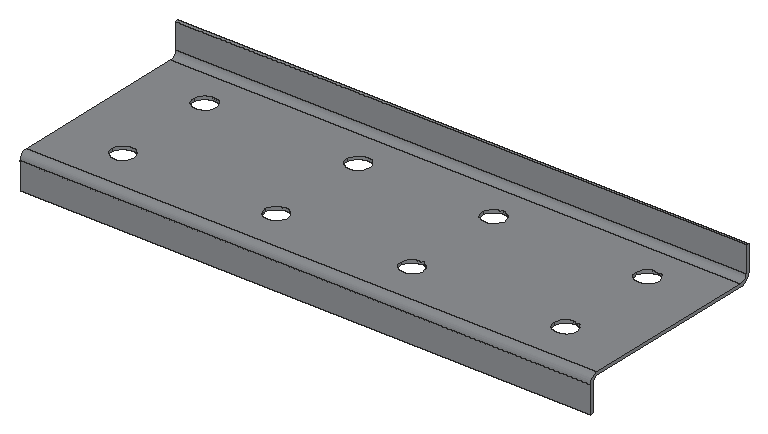
Revit family "Connection-Splice Plate-Steel & Tube-HST", category Structural Connections, host Face, Revit 2018
Family settings
  Host = Face
  Material for Model Behavior = Steel
  OmniClass Number = 23.25.05.17.11
  OmniClass Title = Column Bases
  Enable cutting in views = Yes
  Cut with Voids When Loaded = No
  Shared = Yes
Parameters (values of type "HST150")
  m = if(Height_ANZRS = 250 mm, 180 mm, 120 mm)  # 120 mm
  g = if(Height_ANZRS = 152 mm, 80 mm, if(Height_ANZRS = 203 mm, 120 mm, if(Height_ANZRS = 250 mm, 160 mm, if(Height_ANZRS = 300 mm, 200 mm, if(Height_ANZRS = 350 mm, 240 mm, 280 mm)))))  # 80 mm
  Width_ANZRS = PlateThickness_ANZRS + (2 * Flange)  # 51.95 mm
  Uniclass2015Version = "2015"  # constant formula
  Uniclass2015Title = "Cold-formed galvanized steel sections"  # constant formula
  Uniclass2015Code = "Pr_20_76_51_21"  # constant formula
  URL = "http://www.steelandtube.co.nz"
  Type Comments = "HST Steel Purlin Splicing Plate"  # constant formula
  SpecificationReference = "3411ST"  # constant formula
  SpecificationDescription = "Steel & Tube Purlins & Girts"  # constant formula
  PlateThickness_ANZRS = if(Height_ANZRS < 300 mm, 1.95 mm, 3 mm)  # 1.95 mm
  ModifiedIssue_ANZRS = 20160520.01  # constant formula
  Model = if(Height_ANZRS = 152 mm, "HST150", if(Height_ANZRS = 203 mm, "HST200", if(Height_ANZRS = 250 mm, "HST250", if(Height_ANZRS = 300 mm, "HST300", if(Height_ANZRS = 350 mm, "HST350", "HST400")))))  # "HST150"
  Material_ANZRS = Metal-Steel-450MPa
  Material Standard = "Steel & Tube’s HST purlins and Girts profiles are manufactured from materials conforming to AS1397:2011"  # constant formula
  ManufacturerURL = "http://www.steelandtube.co.nz"
  ManufacturerName = Manufacturer  # "Steel & Tube"
  Manufacturer = "Steel & Tube"  # constant formula
  Length_ANZRS = 106 mm + (2 * End Calculation)  # 446 mm
  Height_ANZRS = 152 mm
  Flange = if(Height_ANZRS < 300 mm, 25 mm, 45 mm)  # 25 mm
  Extra Bolt Position Calculation = if(Height_ANZRS < 300 mm, 500 mm, m)  # 500 mm
  End Calculation = if(Height_ANZRS < 300 mm, m + 50 mm, (2 * m) + 50 mm)  # 170 mm
  Disclaimer [instance] = "Steel & Tube makes no representations or warranties about the information in this document, including (but not limited to) whether the information, and any materials referred to, are fit for purpose. The user is responsible for ensuring that the information, and any materials referred to, are fit for the purpose for which they are intended to be used. Except as required by law, Steel & Tube is not liable for any cost, loss, claim or expense incurred by any person as a result of any person using or relying on the information in this document."  # constant formula
  Design Standard = "Steel & Tube’s HST purlins and Girts profiles are designed in accordance with AS/NZS 4600:2005."  # constant formula
  Design Instruction = "All the design information should be cross referenced with the current Steel & Tube Purlins and Girts design guide, and AS/NZS 4600:2005"  # constant formula
  Description = "HST Steel Purlins and Girts are high strength lipped profile sections, providing an economic solution for your building project."  # constant formula
  Default Elevation = 0 mm
  CreatedBy_ANZRS = "Design Content"  # constant formula
  CreatedByURL_ANZRS = "http://www.designcontent.com.au"
  CBIDescription = "Structural steelwork"  # constant formula
  CBICode = "3411"  # constant formula
  Assembly Code = "B1020230"
Reference planes
  plane 1 "Center (Front/Back)": y = 0
  plane 2: z = 0
  plane 3 "Center (Left/Right)": x = 0
  plane 4 "Beam Top": y = 76
  plane 5 "Beam Bottom": y = -76
  plane 6 "Top Flange Underside": y = 74.05
  plane 7 "Bottom Flange Underside": y = -77.95
  plane 8: z = 1.95
  plane 9: z = 26.95
  plane 10: z = -25
  plane 11: x = -3
  plane 12: x = 3
  plane 13 "Left Middle Bolt Centre": x = -53
  plane 14 "Right Middle Bolt Centre": x = 53
  plane 15 "Left": x = -223
  plane 16 "Right": x = 223
  plane 17 "Left Bolt Centre": x = -173
  plane 18 "Right Bolt Centre": x = 173
  plane 19: x = -553
  plane 20: x = 553
  plane 21 "Upper Bolt": y = 40
  plane 22 "Lower Bolt": y = -40
Forms (mm)
  Sweep 1, solid, material "Metal-Steel-450MPa" <- "Material_ANZRS", detail levels medium
    path origin (0, 0, 0) x (1, 0, 0) y (0, 1, 0)
      loop
        line (-223, 0) -> (223, 0)
    profile origin (0, 0, 0) x (0, 1, 0) y (0, 0, 1)
      loop
        line (76, 26.95) -> (74.05, 26.95) -> (74.05, 1.95) -> (-77.95, 1.95) -> (-77.95, -25) -> (-76, -25) -> (-76, 0) -> (76, 0) -> (76, 26.95)
  Sweep 2, solid, material "Metal-Steel-450MPa" <- "Material_ANZRS", detail levels fine
    path origin (0, 0, 0) x (1, 0, 0) y (0, 1, 0)
      loop
        line (-223, 0) -> (223, 0)
    profile origin (0, 0, 0) x (0, 1, 0) y (0, 0, 1)
      loop
        line (76, 26.95) -> (74.05, 26.95) -> (74.05, 6.95)
        arc (74.05, 6.95) -> (72.586, 3.414) -> (69.05, 1.95) r 5
        line (69.05, 1.95) -> (-72, 1.95)
        arc (-72, 1.95) -> (-76.207, 0.207) -> (-77.95, -4) r 5.95
        line (-77.95, -4) -> (-77.95, -25) -> (-76, -25) -> (-76, -4)
        arc (-76, -4) -> (-74.828, -1.172) -> (-72, 0) r 4
        line (-72, 0) -> (69.05, 0)
        arc (69.05, 0) -> (73.964, 2.036) -> (76, 6.95) r 6.95
        line (76, 6.95) -> (76, 26.95)
  Extrusion 3, void
    sketch origin (0, 0, 0) x (1, 0, 0) y (0, 1, 0)
      loop
        circle (-173, 40) r 9
      loop
        circle (-173, -40) r 9
      loop
        circle (-53, 40) r 9
      loop
        circle (-53, -40) r 9
      loop
        circle (53, 40) r 9
      loop
        circle (53, -40) r 9
      loop
        circle (173, 40) r 9
      loop
        circle (173, -40) r 9
    from -25 to 26.95
  Extrusion 4, void
    sketch origin (0, 0, 0) x (1, 0, 0) y (0, 1, 0)
      loop
        circle (-553, 40) r 9
      loop
        circle (-553, -40) r 9
      loop
        circle (553, 40) r 9
      loop
        circle (553, -40) r 9
    from -25 to 26.95
Cuts and joins
  Extrusion 3, Extrusion 4 cuts Sweep 2
Dimensions and locks
  equal spacing: plane 5 "Beam Bottom", plane 1 "Center (Front/Back)", plane 4 "Beam Top"
  "Height_ANZRS": plane 5 "Beam Bottom" to plane 4 "Beam Top"
  "PlateThickness_ANZRS": plane 6 "Top Flange Underside" to plane 4 "Beam Top"
  "PlateThickness_ANZRS": plane 7 "Bottom Flange Underside" to plane 5 "Beam Bottom"
  "PlateThickness_ANZRS": plane 8 to plane 2
  "Flange": plane 2 to plane 10
  "Flange": plane 9 to plane 8
  equal spacing: plane 11, plane 3 "Center (Left/Right)", plane 12
  locked: plane 11 to plane 12 at 6
  locked: plane 13 "Left Middle Bolt Centre" to plane 11 at 50
  locked: plane 12 to plane 14 "Right Middle Bolt Centre" at 50
  "End Calculation": plane 15 "Left" to plane 13 "Left Middle Bolt Centre"
  "End Calculation": plane 14 "Right Middle Bolt Centre" to plane 16 "Right"
  "Extra Bolt Position Calculation": plane 19 to plane 13 "Left Middle Bolt Centre"
  "Extra Bolt Position Calculation": plane 14 "Right Middle Bolt Centre" to plane 20
  locked: plane 15 "Left" to plane 17 "Left Bolt Centre" at 50
  locked: plane 18 "Right Bolt Centre" to plane 16 "Right" at 50
  equal spacing: plane 22 "Lower Bolt", plane 1 "Center (Front/Back)", plane 21 "Upper Bolt"
  "g": plane 22 "Lower Bolt" to plane 21 "Upper Bolt"
  radius of Sweep 2 sketch curve = 5 mm
  radius of Sweep 2 sketch curve = 4 mm
  aligned and locked: plane 2 to host face
  aligned and locked: level to host face
  aligned and locked: plane 1 "Center (Front/Back)" to Sweep 1 sketch curve
  aligned and locked: plane 15 "Left" to Sweep 1 sketch curve
  aligned and locked: plane 16 "Right" to Sweep 1 sketch curve
  aligned and locked: Sweep 1 sketch curve to plane 4 "Beam Top"
  aligned and locked: plane 6 "Top Flange Underside" to Sweep 1 sketch curve
  aligned and locked: plane 9 to Sweep 1 sketch curve
  aligned and locked: plane 7 "Bottom Flange Underside" to Sweep 1 sketch curve
  aligned and locked: Sweep 1 sketch curve to plane 5 "Beam Bottom"
  aligned and locked: Sweep 1 sketch curve to plane 10
  aligned and locked: Sweep 1 sketch curve to plane 2
  aligned and locked: plane 8 to Sweep 1 sketch curve
  aligned and locked: plane 1 "Center (Front/Back)" to Sweep 2 sketch curve
  aligned and locked: plane 15 "Left" to Sweep 2 sketch curve
  aligned and locked: plane 16 "Right" to Sweep 2 sketch curve
  aligned and locked: Sweep 2 sketch curve to plane 4 "Beam Top"
  aligned and locked: plane 6 "Top Flange Underside" to Sweep 2 sketch curve
  aligned and locked: plane 9 to Sweep 2 sketch curve
  aligned and locked: plane 8 to Sweep 2 sketch curve
  aligned and locked: Sweep 2 sketch curve to plane 2
  aligned and locked: Sweep 2 sketch curve to plane 5 "Beam Bottom"
  aligned and locked: plane 7 "Bottom Flange Underside" to Sweep 2 sketch curve
  aligned and locked: Sweep 2 sketch curve to plane 10
  aligned and locked: plane 17 "Left Bolt Centre" to Extrusion 3 sketch curve  (x2)
  aligned and locked: plane 21 "Upper Bolt" to Extrusion 3 sketch curve  (x4)
  aligned and locked: plane 22 "Lower Bolt" to Extrusion 3 sketch curve  (x4)
  aligned and locked: plane 18 "Right Bolt Centre" to Extrusion 3 sketch curve  (x2)
  aligned and locked: plane 14 "Right Middle Bolt Centre" to Extrusion 3 sketch curve  (x2)
  aligned and locked: plane 13 "Left Middle Bolt Centre" to Extrusion 3 sketch curve  (x2)
  aligned and locked: Extrusion 3 to plane 10
  aligned and locked: plane 9 to Extrusion 3
  aligned and locked: plane 21 "Upper Bolt" to Extrusion 4 sketch curve  (x2)
  aligned and locked: plane 22 "Lower Bolt" to Extrusion 4 sketch curve  (x2)
  aligned and locked: plane 19 to Extrusion 4 sketch curve  (x2)
  aligned and locked: plane 20 to Extrusion 4 sketch curve  (x2)
  aligned and locked: Extrusion 4 to plane 10
  aligned and locked: plane 9 to Extrusion 4
Automatic sketch dimensions
  host sketch curve to host sketch curve = 2438.4 mm  (x2)
  Sweep 2 sketch curve to Sweep 2 sketch curve = 0 mm  (x2)
  radius of Extrusion 3 sketch curve = 9 mm  (x8)
  radius of Extrusion 4 sketch curve = 9 mm  (x4)
Types in the file's own list only (5): name | m | g | Width_ANZRS | PlateThickness_ANZRS | ModifiedIssue_ANZRS | Model | Length_ANZRS | Height_ANZRS | Flange | Extra Bolt Position Calculation | End Calculation
  HST200 | 120 mm | 120 mm | 51.95 mm | 1.95 mm | 20160520.01 $ | "HST200" | 446 mm | 203 mm | 25 mm | 500 mm | 170 mm
  HST250 | 180 mm | 160 mm | 51.95 mm | 1.95 mm | 20160520.01 $ | "HST250" | 566 mm | 250 mm | 25 mm | 500 mm | 230 mm
  HST300 | 120 mm | 200 mm | 93 mm | 3 mm | 20160520.01 $ | "HST300" | 686 mm | 300 mm | 45 mm | 120 mm | 290 mm
  HST350 | 120 mm | 240 mm | 93 mm | 3 mm | 20160520.01 $ | "HST350" | 686 mm | 350 mm | 45 mm | 120 mm | 290 mm
  HST400 | 120 mm | 280 mm | 93 mm | 3 mm | 20160520.01 $ | "HST400" | 686 mm | 400 mm | 45 mm | 120 mm | 290 mm
